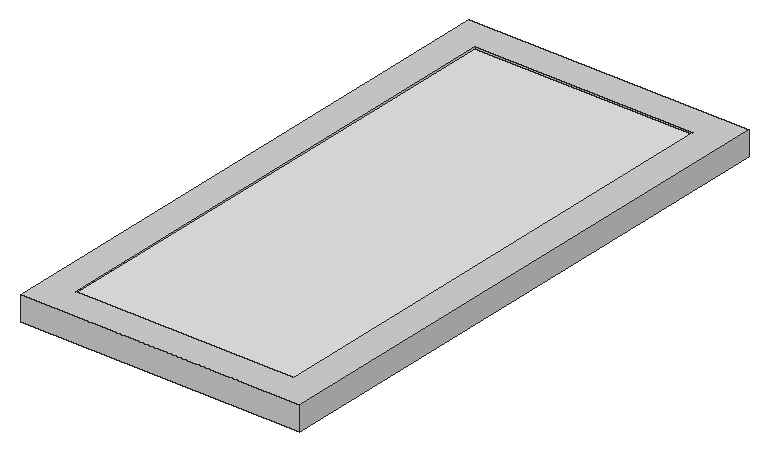
Revit family "Sanitary_Mirrors_Sloan-Valve_MF-Wide-Framea", category Furniture, host Face, Revit 2021
Family settings
  Host = Face
  OmniClass Number = 23.40.95.17.17
  OmniClass Title = Mirrors
  Cut with Voids When Loaded = No
  Shared = No
  Room Calculation Point = No
Parameters (values of type "MF Wide Frame-18x36-BN")
  z_Wall Panel Width 2 = if(or(Real Height < 7.87402", Real Width < 7.87402"), 0.55118", 1.49606")  # 1.49606"
  z_Wall Panel Width 1 = if(or(Real Height < 7.87402", Real Width < 7.87402"), 0.55118", 1.9685")  # 1.9685"
  z_Wall Panel Left Offset = if(or(Real Height < 7.87402", Real Width < 7.87402"), 0.3937", 1.72008")  # 1.72008"
  z_Wall Panel Top Offset = if(or(Real Height < 7.87402", Real Width < 7.87402"), 0.3937", 0.86614")  # 0.86614"
  z_Cutout Width = if(or(Real Height < 7.87402", Real Width < 7.87402"), Real Width / 5, 1.49606")  # 1.49606"
  z_Cutout Height = if(or(Real Height < 7.87402", Real Width < 7.87402"), Real Height / 5, 2.55906")  # 2.55906"
  z_Case Back Width = Real Width - 0.44882"  # 17.55118"
  z_Case Back Height = Real Height - 0.44882"  # 35.55118"
  Weight = 28.00 lbf
  URL = "www.sloanvalve.com"
  Real Width = if(Width < 4.00", 4.00", Width)  # 18.00"
  Real Height = if(Height < 4.00", 4.00", Height)  # 36.00"
  Width = 18.00"
  Version = 1
  Product data url = "https://bimobject.com/sloan_valve/product/mf-Wide-frame-wall-hung-mirror"
  Product Material = Sloan Valve - Finish - Brushed Nickel
  Part Number = "32910023"
  Model = "MF Wide Frame-18x36-BN"
  Manufacturer = "Sloan Valve"  # constant formula
  Height = 36.00"
  Description = "18\" x 36\", Brushed Nickel, Sloan 2\" Wall-hung Wide Frame Mirror."
  Depth = 0.82677"  # constant formula
  Default Elevation = 48.00"
  Date Updated = ""
  Date Created = "2024/06/13"  # constant formula
  Custom Size Note = "Please reach out to Sloan Valve Company for information on custom sizes."  # constant formula
Types (6): name | z_Case Back Width | Weight | Real Width | Width | Product Material | Part Number | Model | Description
  MF Wide Frame-18x36-BN | 17.55118" | 28.00 lbf | 18.00" | 18.00" | Sloan Valve - Finish - Brushed Nickel | "32910023" | "MF Wide Frame-18x36-BN" | "18\" x 36\", Brushed Nickel, Sloan 2\" Wall-hung Wide Frame Mirror."
  MF Wide Frame-24x36-CP | 23.55118" | 36.00 lbf | 24.00" | 24.00" | Sloan Valve - Finish - Polished Chrome | "32910010" | "MF Wide Frame-24x36-CP" | "24\" x 36\", Polished Chrome, Sloan 2\" Wall-hung Wide Frame Mirror."
  MF Wide Frame-24x36-GR | 23.55118" | 36.00 lbf | 24.00" | 24.00" | Sloan Valve - Finish - Graphite | "32910006" | "MF Wide Frame-24x36-GR" | "24\" x 36\", Graphite, Sloan 2\" Wall-hung Wide Frame Mirror."
  MF Wide Frame-18x36-GR | 17.55118" | 28.00 lbf | 18.00" | 18.00" | Sloan Valve - Finish - Graphite | "32910021" | "MF Wide Frame-18x36-GR" | "18\" x 36\", Graphite, Sloan 2\" Wall-hung Wide Frame Mirror."
  MF Wide Frame-24x36-BN | 23.55118" | 36.00 lbf | 24.00" | 24.00" | Sloan Valve - Finish - Brushed Nickel | "32910008" | "MF Wide Frame-24x36-BN" | "24\" x 36\", Brushed Nickel, Sloan 2\" Wall-hung Wide Frame Mirror."
  MF Wide Frame-18x36-CP | 17.55118" | 28.00 lbf | 18.00" | 18.00" | Sloan Valve - Finish - Polished Chrome | "32910025" | "MF Wide Frame-18x36-CP" | "18\" x 36\", Polished Chrome, Sloan 2\" Wall-hung Wide Frame Mirror."
Reference planes (in)
  plane 1 "Center (Front/Back)": y = 0
  plane 2: z = 0
  plane 3 "Center (Left/Right)": x = 0
  plane 4: y = 18
  plane 5: y = -18
  plane 6: x = -9
  plane 7: x = 9
  plane 8: z = 1.62205
  plane 9: z = 1.24803
  plane 10: y = 17.77559
  plane 11: y = -17.77559
  plane 12: x = 8.77559
  plane 13: x = -8.77559
  plane 14: y = 15.21654
  plane 15: y = -15.21654
  plane 16: x = -7.27953
  plane 17: x = 7.27953
  plane 18: z = 0.06693
  plane 19: y = 17.13386
  plane 20: y = -17.13386
  plane 21: x = -7.27992
  plane 22: x = 7.27992
Forms (in)
  Sweep 1, solid, material "Sloan Valve - Finish - Brushed Nickel" <- "Product Material"
    path origin (0, 0, 0) x (1, 0, 0) y (0, 1, 0)
      loop
        line (-9, 18) -> (-9, -18) -> (9, -18) -> (9, 18) -> (-9, 18)
    profile origin (0, 18, 0) x (0, 1, 0) y (0, 0, 1)
      loop
        line (-1.9685, 1.62205) -> (-1.9685, 1.54331) -> (-0.22441, 1.54331) -> (-0.22441, 0.06693) -> (0, 0.06693) -> (0, 1.62205) -> (-1.9685, 1.62205)
  Extrusion 2, solid, material "Sloan Valve - Glass - Mirror"
    sketch origin (0, 0, 0) x (1, 0, 0) y (0, 1, 0)
      loop
        line (-8.6248, 17.6248) -> (-8.6248, -17.6248) -> (8.6248, -17.6248) -> (8.6248, 17.6248) -> (-8.6248, 17.6248)
    from 1.24803 to 1.54331
  Extrusion 3, solid, material "Sloan Valve - Finish - Polished Chrome"
    sketch origin (0, 0, 0) x (1, 0, 0) y (0, 1, 0)
      loop
        line (-7.27953, 17.77559) -> (-7.27953, 15.21654) -> (-8.77559, 15.21654) -> (-8.77559, -15.21654) -> (-7.27953, -15.21654) -> (-7.27953, -17.77559) -> (7.27953, -17.77559) -> (7.27953, -15.21654) -> (8.77559, -15.21654) -> (8.77559, 15.21654) -> (7.27953, 15.21654) -> (7.27953, 17.77559) -> (-7.27953, 17.77559)
    from 0.06693 to 1.24803
  Extrusion 4, solid, material "Sloan Valve - Finish - Polished Chrome"
    sketch origin (0, 0, 0) x (1, 0, 0) y (0, 1, 0)
      loop
        line (-7.27992, 17.13386) -> (-7.27992, -17.13386) -> (7.27992, -17.13386) -> (7.27992, 17.13386) -> (-7.27992, 17.13386)
      loop
        line (-5.78386, 15.16535) -> (-5.78386, -15.16535) -> (5.78386, -15.16535) -> (5.78386, 15.16535) -> (-5.78386, 15.16535)
      loop
        circle (6.53189, -16.14961) r 0.09843
      loop
        circle (-6.53189, -16.14961) r 0.09843
      loop
        circle (6.53189, 16.14961) r 0.09843
      loop
        circle (-6.53189, 16.14961) r 0.09843
    from 0 to 0.06693
Lines and regions (in)
  Masking region 1
    outline origin (0, 0, 0) x (1, 0, 0) y (0, 0, 1)
      loop
        line (-9, 1.62205) -> (-9, 0.06693) -> (-7.27992, 0.06693) -> (-7.27992, 0) -> (7.27992, 0) -> (7.27992, 0.06693) -> (9, 0.06693) -> (9, 1.62205) -> (-9, 1.62205)
  symbolic lines, detail levels medium+fine
    curve 1: line (-8.36024, 0, 0.06693) -> (7.27992, 0, 0.06693)
Dimensions and locks (in)
  "Real Height": plane 4 to plane 5
  equal spacing: plane 4, plane 1 "Center (Front/Back)", plane 5
  equal spacing: plane 6, plane 3 "Center (Left/Right)", plane 7
  "Real Width": plane 6 to plane 7
  locked: profile plane to Sweep 1 sketch curve at 0.22441
  locked: plane 8 to Sweep 1 sketch curve at 0.07874
  locked: plane 4 to Extrusion 2 sketch curve at 0.3752
  locked: Extrusion 2 sketch curve to plane 5 at 0.3752
  locked: plane 6 to Extrusion 2 sketch curve at 0.3752
  locked: Extrusion 2 sketch curve to plane 7 at 0.3752
  locked: plane 8 to plane 9 at 0.37402
  "z_Case Back Height": plane 10 to plane 11
  equal spacing: plane 10, plane 1 "Center (Front/Back)", plane 11
  equal spacing: plane 13, plane 3 "Center (Left/Right)", plane 12
  "z_Case Back Width": plane 13 to plane 12
  "z_Cutout Width": plane 13 to plane 16
  "z_Cutout Width": plane 17 to plane 12
  "z_Cutout Height": plane 15 to plane 11
  "z_Cutout Height": plane 10 to plane 14
  locked: plane 18 to level at 0.06693
  plane 8 to plane 18 = 1.55512"
  "z_Wall Panel Width 2": Extrusion 4 sketch curve to Extrusion 4 sketch curve  (x2)
  "z_Wall Panel Width 1": Extrusion 4 sketch curve to Extrusion 4 sketch curve  (x2)
  equal spacing: plane 19, plane 1 "Center (Front/Back)", plane 20
  equal spacing: plane 21, plane 3 "Center (Left/Right)", plane 22
  "z_Wall Panel Top Offset": plane 4 to plane 19
  equal spacing: Extrusion 4 sketch curve, Extrusion 4 sketch curve, Extrusion 4 sketch curve  (x8)
  "z_Wall Panel Left Offset": Sweep 1 to Extrusion 4 sketch curve
  "z_Wall Panel Left Offset": plane 6 to plane 21
  locked: profile plane to Sweep 1 sketch curve at 1.9685
  aligned and locked: plane 2 to host face
  aligned and locked: level to host face
  aligned and locked: plane 6 to Sweep 1 sketch curve
  aligned and locked: plane 7 to Sweep 1 sketch curve
  aligned and locked: Sweep 1 sketch curve to plane 4
  aligned and locked: plane 5 to Sweep 1 sketch curve
  aligned and locked: plane 8 to Sweep 1 sketch curve
  aligned and locked: Sweep 1 sketch curve to profile plane
  aligned and locked: Extrusion 2 to Sweep 1
  aligned and locked: Extrusion 2 to plane 9
  aligned and locked: Extrusion 3 sketch curve to plane 11
  aligned and locked: Extrusion 3 sketch curve to plane 10
  aligned and locked: Extrusion 3 sketch curve to plane 13
  aligned and locked: Extrusion 3 sketch curve to plane 12
  aligned and locked: plane 16 to Extrusion 3 sketch curve  (x2)
  aligned and locked: Extrusion 3 sketch curve to plane 17
  aligned and locked: Extrusion 3 sketch curve to plane 14
  aligned and locked: plane 14 to Extrusion 3 sketch curve
  aligned and locked: Extrusion 3 sketch curve to plane 15  (x2)
  aligned and locked: plane 17 to Extrusion 3 sketch curve
  aligned and locked: Extrusion 3 to Extrusion 2
  aligned and locked: Extrusion 3 to plane 18
  aligned and locked: Extrusion 4 sketch curve to plane 19
  aligned and locked: Extrusion 4 sketch curve to plane 20
  aligned and locked: Extrusion 4 to level
  aligned and locked: Extrusion 4 to plane 18
  aligned and locked: Masking region 1 sketch curve to Sweep 1  (x3)
  aligned and locked: Masking region 1 sketch curve to Extrusion 4  (x2)
  aligned and locked: Masking region 1 sketch curve to plane 6
  aligned and locked: curve 1 to Masking region 1
  aligned and locked: Masking region 1 to curve 1
  aligned and locked: Masking region 1 to Extrusion 4
Automatic sketch dimensions
  host sketch curve to host sketch curve = 96.00"  (x2)
  Masking region 1 sketch curve to plane 18 = 0.00"
  level to Sweep 1 sketch curve = 0.06693"
  Masking region 1 sketch curve to Masking region 1 sketch curve = 1.72008"
  plane 6 to curve 1 = 0.63976"
  Extrusion 4 sketch curve to plane 22 = 0.00"
  radius of Extrusion 4 sketch curve = 0.09843"  (x4)
